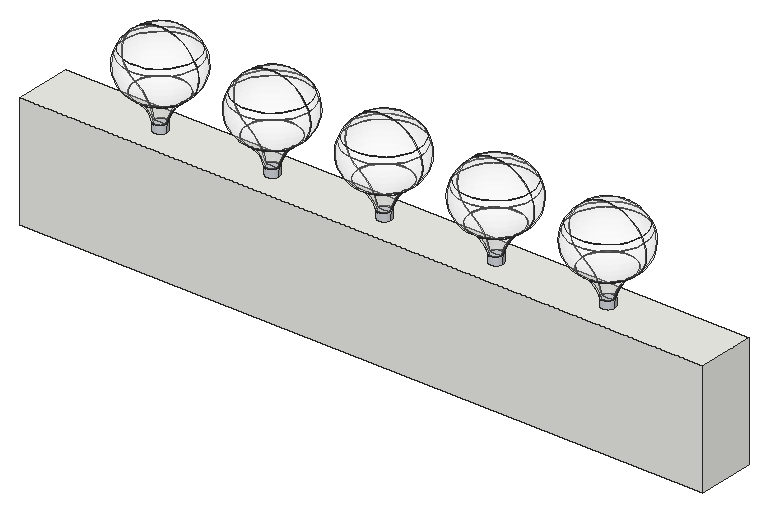
Revit family "311d9e594f6f4f96bd18b2e04c5955fe", category Lighting Fixtures, host Face, Revit 2021
Family settings
  Host = Face
  Round Connector Dimension = Use Diameter
  Part Type = Normal
  OmniClass Number = 23.80.70.11.14
  OmniClass Title = General Luminaries, Directional
  Cut with Voids When Loaded = No
  Light Source = No
  Shared = No
  Room Calculation Point = No
Parameters (values of type "Standard")
  Voltage = 120 V
  Number of Poles = 1
  Load Classification = Lighting - Dwelling Unit
  Shade Material = Steel, Paint Finish, Ivory, Glossy
  Lamp = "LED"
  Default Elevation = 4' - 0"
  Diffuser Material = Glass, White, High Luminance
  Apparent Load = 15 VA
Reference planes (in)
  plane 1 "Center (Front/Back)": y = 0
  plane 2: z = 0
  plane 3 "Center (Left/Right)": x = 0
  plane 4: y = 1
  plane 5: y = -1
  plane 6: x = -12
  plane 7: x = 12
  plane 8: z = 4
  plane 9: x = -7.86719
  plane 10: x = 3.93359
  plane 11: x = -3.93359
  plane 12: x = 7.86719
  plane 13: z = 6
Forms (in)
  Extrusion 1, solid, material "Steel, Paint Finish, Ivory, Glossy" <- "Shade Material"
    sketch origin (0, 0, 0) x (1, 0, 0) y (0, 1, 0)
      loop
        line (-12, 1) -> (-12, -1) -> (12, -1) -> (12, 1) -> (-12, 1)
    from 0 to 4
  Revolve 2, solid, material "Glass, White, High Luminance" <- "Diffuser Material"
    sketch origin (0, 0, 0) x (1, 0, 0) y (0, 0, 1)
      loop
        arc (-6.65107, 6.58024) -> (-7.17301, 7.07149) -> (-7.86719, 7.25) r 1.43898
        line (-7.86719, 7.25) -> (-7.86719, 7.21581)
        arc (-7.86719, 7.21581) -> (-7.09722, 6.99947) -> (-6.59246, 6.37909) r 1.32349
        arc (-6.59246, 6.37909) -> (-6.57594, 5.72539) -> (-6.98522, 5.21541) r 0.95146
        arc (-6.98522, 5.21541) -> (-7.43072, 4.80308) -> (-7.68023, 4.24969) r 1.52606
        line (-7.68023, 4.24969) -> (-7.63685, 4.24969)
        arc (-7.63685, 4.24969) -> (-7.39247, 4.7827) -> (-6.96626, 5.18539) r 1.53685
        arc (-6.96626, 5.18539) -> (-6.51944, 5.81746) -> (-6.65107, 6.58024) r 1.01034
      axis (-7.86719, 7.25) -> (-7.86719, 4.24969)
    angle from 0 to 360
  Revolve 3, solid
    sketch origin (0, 0, 0) x (1, 0, 0) y (0, 0, 1)
      loop
        line (-7.86719, 4.24969) -> (-7.86719, 4) -> (-7.63742, 4) -> (-7.63742, 4.24969) -> (-7.86719, 4.24969)
      axis (-7.86719, 4.24969) -> (-7.86719, 4)
    angle from 0 to 360
  Revolve 4, solid, material "Glass, White, High Luminance" <- "Diffuser Material"
    sketch origin (3.93359, 0, 0) x (1, 0, 0) y (0, 0, 1)
      loop
        arc (-6.65107, 6.58024) -> (-7.17301, 7.07149) -> (-7.86719, 7.25) r 1.43898
        line (-7.86719, 7.25) -> (-7.86719, 7.21581)
        arc (-7.86719, 7.21581) -> (-7.09722, 6.99947) -> (-6.59246, 6.37909) r 1.32349
        arc (-6.59246, 6.37909) -> (-6.57594, 5.72539) -> (-6.98522, 5.21541) r 0.95146
        arc (-6.98522, 5.21541) -> (-7.43072, 4.80308) -> (-7.68023, 4.24969) r 1.52606
        line (-7.68023, 4.24969) -> (-7.63685, 4.24969)
        arc (-7.63685, 4.24969) -> (-7.39247, 4.7827) -> (-6.96626, 5.18539) r 1.53685
        arc (-6.96626, 5.18539) -> (-6.51944, 5.81746) -> (-6.65107, 6.58024) r 1.01034
      axis (-7.86719, 7.25) -> (-7.86719, 4.24969)
    angle from 0 to 360
  Revolve 5, solid
    sketch origin (3.93359, 0, 0) x (1, 0, 0) y (0, 0, 1)
      loop
        line (-7.86719, 4.24969) -> (-7.86719, 4) -> (-7.63742, 4) -> (-7.63742, 4.24969) -> (-7.86719, 4.24969)
      axis (-7.86719, 4.24969) -> (-7.86719, 4)
    angle from 0 to 360
  Revolve 6, solid, material "Glass, White, High Luminance" <- "Diffuser Material"
    sketch origin (7.86719, 0, 0) x (1, 0, 0) y (0, 0, 1)
      loop
        arc (-6.65107, 6.58024) -> (-7.17301, 7.07149) -> (-7.86719, 7.25) r 1.43898
        line (-7.86719, 7.25) -> (-7.86719, 7.21581)
        arc (-7.86719, 7.21581) -> (-7.09722, 6.99947) -> (-6.59246, 6.37909) r 1.32349
        arc (-6.59246, 6.37909) -> (-6.57594, 5.72539) -> (-6.98522, 5.21541) r 0.95146
        arc (-6.98522, 5.21541) -> (-7.43072, 4.80308) -> (-7.68023, 4.24969) r 1.52606
        line (-7.68023, 4.24969) -> (-7.63685, 4.24969)
        arc (-7.63685, 4.24969) -> (-7.39247, 4.7827) -> (-6.96626, 5.18539) r 1.53685
        arc (-6.96626, 5.18539) -> (-6.51944, 5.81746) -> (-6.65107, 6.58024) r 1.01034
      axis (-7.86719, 7.25) -> (-7.86719, 4.24969)
    angle from 0 to 360
  Revolve 7, solid
    sketch origin (7.86719, 0, 0) x (1, 0, 0) y (0, 0, 1)
      loop
        line (-7.86719, 4.24969) -> (-7.86719, 4) -> (-7.63742, 4) -> (-7.63742, 4.24969) -> (-7.86719, 4.24969)
      axis (-7.86719, 4.24969) -> (-7.86719, 4)
    angle from 0 to 360
  Revolve 8, solid, material "Glass, White, High Luminance" <- "Diffuser Material"
    sketch origin (11.80078, 0, 0) x (1, 0, 0) y (0, 0, 1)
      loop
        arc (-6.65107, 6.58024) -> (-7.17301, 7.07149) -> (-7.86719, 7.25) r 1.43898
        line (-7.86719, 7.25) -> (-7.86719, 7.21581)
        arc (-7.86719, 7.21581) -> (-7.09722, 6.99947) -> (-6.59246, 6.37909) r 1.32349
        arc (-6.59246, 6.37909) -> (-6.57594, 5.72539) -> (-6.98522, 5.21541) r 0.95146
        arc (-6.98522, 5.21541) -> (-7.43072, 4.80308) -> (-7.68023, 4.24969) r 1.52606
        line (-7.68023, 4.24969) -> (-7.63685, 4.24969)
        arc (-7.63685, 4.24969) -> (-7.39247, 4.7827) -> (-6.96626, 5.18539) r 1.53685
        arc (-6.96626, 5.18539) -> (-6.51944, 5.81746) -> (-6.65107, 6.58024) r 1.01034
      axis (-7.86719, 7.25) -> (-7.86719, 4.24969)
    angle from 0 to 360
  Revolve 9, solid
    sketch origin (11.80078, 0, 0) x (1, 0, 0) y (0, 0, 1)
      loop
        line (-7.86719, 4.24969) -> (-7.86719, 4) -> (-7.63742, 4) -> (-7.63742, 4.24969) -> (-7.86719, 4.24969)
      axis (-7.86719, 4.24969) -> (-7.86719, 4)
    angle from 0 to 360
  Revolve 10, solid, material "Glass, White, High Luminance" <- "Diffuser Material"
    sketch origin (15.73437, 0, 0) x (1, 0, 0) y (0, 0, 1)
      loop
        arc (-6.65107, 6.58024) -> (-7.17301, 7.07149) -> (-7.86719, 7.25) r 1.43898
        line (-7.86719, 7.25) -> (-7.86719, 7.21581)
        arc (-7.86719, 7.21581) -> (-7.09722, 6.99947) -> (-6.59246, 6.37909) r 1.32349
        arc (-6.59246, 6.37909) -> (-6.57594, 5.72539) -> (-6.98522, 5.21541) r 0.95146
        arc (-6.98522, 5.21541) -> (-7.43072, 4.80308) -> (-7.68023, 4.24969) r 1.52606
        line (-7.68023, 4.24969) -> (-7.63685, 4.24969)
        arc (-7.63685, 4.24969) -> (-7.39247, 4.7827) -> (-6.96626, 5.18539) r 1.53685
        arc (-6.96626, 5.18539) -> (-6.51944, 5.81746) -> (-6.65107, 6.58024) r 1.01034
      axis (-7.86719, 7.25) -> (-7.86719, 4.24969)
    angle from 0 to 360
  Revolve 11, solid
    sketch origin (15.73437, 0, 0) x (1, 0, 0) y (0, 0, 1)
      loop
        line (-7.86719, 4.24969) -> (-7.86719, 4) -> (-7.63742, 4) -> (-7.63742, 4.24969) -> (-7.86719, 4.24969)
      axis (-7.86719, 4.24969) -> (-7.86719, 4)
    angle from 0 to 360
Dimensions and locks (in)
  equal spacing: plane 6, plane 3 "Center (Left/Right)", plane 7
  plane 6 to plane 7 = 2' - 0"
  equal spacing: plane 4, plane 1 "Center (Front/Back)", plane 5
  plane 4 to plane 5 = 0' - 2"
  plane 8 to plane 2 = 0' - 4"
  locked: plane 13 to plane 8 at 2
  equal spacing: plane 9, plane 11, plane 3 "Center (Left/Right)", plane 10, plane 12
  aligned and locked: plane 2 to host face
  aligned and locked: level to host face
  aligned and locked: Extrusion 1 sketch curve to plane 4
  aligned and locked: plane 6 to Extrusion 1 sketch curve
  aligned and locked: plane 5 to Extrusion 1 sketch curve
  aligned and locked: Extrusion 1 sketch curve to plane 7
  aligned and locked: Extrusion 1 to plane 2
  aligned and locked: plane 8 to Extrusion 1
  aligned and locked: Revolve 2 sketch curve to plane 9
  aligned and locked: Revolve 3 sketch curve to plane 9
  aligned and locked: Revolve 4 sketch curve to plane 11
  aligned and locked: Revolve 5 sketch curve to plane 11
  aligned and locked: Revolve 6 sketch curve to plane 3 "Center (Left/Right)"
  aligned and locked: Revolve 7 sketch curve to plane 3 "Center (Left/Right)"
  aligned and locked: Revolve 8 sketch curve to plane 10
  aligned and locked: Revolve 9 sketch curve to plane 10
  aligned and locked: Revolve 10 sketch curve to plane 12
  aligned and locked: Revolve 11 sketch curve to plane 12
Automatic sketch dimensions
  host sketch curve to host sketch curve = 2' - 6.85314"
  host sketch curve to host sketch curve = 0' - 11.8859"
  Revolve 2 sketch curve to Revolve 2 sketch curve = 0' - 0.31853"
  Revolve 2 sketch curve to Revolve 2 sketch curve = 0' - 0.0275"
  Revolve 2 sketch curve to Revolve 2 sketch curve = 0' - 0.04878"
  Revolve 2 sketch curve to Revolve 2 sketch curve = 0' - 0.0242"
  Revolve 2 sketch curve to Revolve 2 sketch curve = 0' - 0 21/256"
  Revolve 2 sketch curve to Revolve 2 sketch curve = 0' - 0.01049"
  Revolve 2 sketch curve to Revolve 2 sketch curve = 0' - 0.03419"
  Revolve 2 sketch curve to Revolve 2 sketch curve = 0' - 0.04338"
  Revolve 2 sketch curve to Revolve 2 sketch curve = 0' - 0"  (x2)
  Revolve 2 sketch curve to Revolve 2 sketch curve = 0' - 0.01897"
  Revolve 2 sketch curve to Revolve 2 sketch curve = 0' - 4.4675"
  Revolve 3 sketch curve to Revolve 3 sketch curve = 0' - 0.22977"
  Revolve 3 sketch curve to Revolve 3 sketch curve = 0' - 0.24969"
  Revolve 2 sketch curve to Revolve 2 sketch curve = 0' - 0.04372"
  Revolve 2 sketch curve to Revolve 2 sketch curve = 0' - 0.18696"
  Revolve 2 sketch curve to Revolve 2 sketch curve = 0' - 1.44477"
  Revolve 2 sketch curve to Revolve 2 sketch curve = 0' - 0.33804"
  Revolve 2 sketch curve to Revolve 2 sketch curve = 0' - 0.22913"
  Revolve 2 sketch curve to Revolve 2 sketch curve = 0' - 1.17566"
  Revolve 2 sketch curve to Revolve 2 sketch curve = 0' - 9.76826"
  Revolve 3 sketch curve to Revolve 3 sketch curve = 0' - 9.88082"
  Revolve 3 sketch curve to Revolve 3 sketch curve = 0' - 8.41579"
  Revolve 4 sketch curve to Revolve 4 sketch curve = 0' - 0.31853"
  Revolve 4 sketch curve to Revolve 4 sketch curve = 0' - 0.0275"
  Revolve 4 sketch curve to Revolve 4 sketch curve = 0' - 0.04878"
  Revolve 4 sketch curve to Revolve 4 sketch curve = 0' - 0.0242"
  Revolve 4 sketch curve to Revolve 4 sketch curve = 0' - 0 21/256"
  Revolve 4 sketch curve to Revolve 4 sketch curve = 0' - 0.01049"
  Revolve 4 sketch curve to Revolve 4 sketch curve = 0' - 0.03419"
  Revolve 4 sketch curve to Revolve 4 sketch curve = 0' - 0.04338"
  Revolve 4 sketch curve to Revolve 4 sketch curve = 0' - 0"  (x2)
  Revolve 4 sketch curve to Revolve 4 sketch curve = 0' - 0.01897"
  Revolve 4 sketch curve to Revolve 4 sketch curve = 0' - 4.4675"
  Revolve 5 sketch curve to Revolve 5 sketch curve = 0' - 0.22977"
  Revolve 5 sketch curve to Revolve 5 sketch curve = 0' - 0.24969"
  Revolve 4 sketch curve to Revolve 4 sketch curve = 0' - 0.04372"
  Revolve 4 sketch curve to Revolve 4 sketch curve = 0' - 0.18696"
  Revolve 4 sketch curve to Revolve 4 sketch curve = 0' - 1.44477"
  Revolve 4 sketch curve to Revolve 4 sketch curve = 0' - 0.33804"
  Revolve 4 sketch curve to Revolve 4 sketch curve = 0' - 0.22913"
  Revolve 4 sketch curve to Revolve 4 sketch curve = 0' - 1.17566"
  Revolve 4 sketch curve to Revolve 4 sketch curve = 0' - 9.76826"
  Revolve 5 sketch curve to Revolve 5 sketch curve = 0' - 9.88082"
  Revolve 5 sketch curve to Revolve 5 sketch curve = 0' - 8.41579"
  Revolve 6 sketch curve to Revolve 6 sketch curve = 0' - 0.31853"
  Revolve 6 sketch curve to Revolve 6 sketch curve = 0' - 0.0275"
  Revolve 6 sketch curve to Revolve 6 sketch curve = 0' - 0.04878"
  Revolve 6 sketch curve to Revolve 6 sketch curve = 0' - 0.0242"
  Revolve 6 sketch curve to Revolve 6 sketch curve = 0' - 0 21/256"
  Revolve 6 sketch curve to Revolve 6 sketch curve = 0' - 0.01049"
  Revolve 6 sketch curve to Revolve 6 sketch curve = 0' - 0.03419"
  Revolve 6 sketch curve to Revolve 6 sketch curve = 0' - 0.04338"
  Revolve 6 sketch curve to Revolve 6 sketch curve = 0' - 0"  (x3)
  Revolve 6 sketch curve to Revolve 6 sketch curve = 0' - 0.01897"
  Revolve 6 sketch curve to Revolve 6 sketch curve = 0' - 4.4675"
  Revolve 7 sketch curve to Revolve 7 sketch curve = 0' - 0.22977"
  Revolve 7 sketch curve to Revolve 7 sketch curve = 0' - 0.24969"
  Revolve 6 sketch curve to Revolve 6 sketch curve = 0' - 0.04372"
  Revolve 6 sketch curve to Revolve 6 sketch curve = 0' - 0.18696"
  Revolve 6 sketch curve to Revolve 6 sketch curve = 0' - 1.44477"
  Revolve 6 sketch curve to Revolve 6 sketch curve = 0' - 0.33804"
  Revolve 6 sketch curve to Revolve 6 sketch curve = 0' - 0.22913"
  Revolve 6 sketch curve to Revolve 6 sketch curve = 0' - 1.17566"
  Revolve 6 sketch curve to Revolve 6 sketch curve = 0' - 9.76826"
  Revolve 7 sketch curve to Revolve 7 sketch curve = 0' - 0"
  Revolve 7 sketch curve to Revolve 7 sketch curve = 0' - 9.88082"
  Revolve 7 sketch curve to Revolve 7 sketch curve = 0' - 8.41579"
  Revolve 8 sketch curve to Revolve 8 sketch curve = 0' - 0.31853"
  Revolve 8 sketch curve to Revolve 8 sketch curve = 0' - 0.0275"
  Revolve 8 sketch curve to Revolve 8 sketch curve = 0' - 0.04878"
  Revolve 8 sketch curve to Revolve 8 sketch curve = 0' - 0.0242"
  Revolve 8 sketch curve to Revolve 8 sketch curve = 0' - 0 21/256"
  Revolve 8 sketch curve to Revolve 8 sketch curve = 0' - 0.01049"
  Revolve 8 sketch curve to Revolve 8 sketch curve = 0' - 0.03419"
  Revolve 8 sketch curve to Revolve 8 sketch curve = 0' - 0.04338"
  Revolve 8 sketch curve to Revolve 8 sketch curve = 0' - 0"  (x2)
  Revolve 8 sketch curve to Revolve 8 sketch curve = 0' - 0.01897"
  Revolve 8 sketch curve to Revolve 8 sketch curve = 0' - 4.4675"
  Revolve 9 sketch curve to Revolve 9 sketch curve = 0' - 0.22977"
  Revolve 9 sketch curve to Revolve 9 sketch curve = 0' - 0.24969"
  Revolve 8 sketch curve to Revolve 8 sketch curve = 0' - 0.04372"
  Revolve 8 sketch curve to Revolve 8 sketch curve = 0' - 0.18696"
  Revolve 8 sketch curve to Revolve 8 sketch curve = 0' - 1.44477"
  Revolve 8 sketch curve to Revolve 8 sketch curve = 0' - 0.33804"
  Revolve 8 sketch curve to Revolve 8 sketch curve = 0' - 0.22913"
  Revolve 8 sketch curve to Revolve 8 sketch curve = 0' - 1.17566"
  Revolve 8 sketch curve to Revolve 8 sketch curve = 0' - 9.76826"
  Revolve 9 sketch curve to Revolve 9 sketch curve = 0' - 9.88082"
  Revolve 9 sketch curve to Revolve 9 sketch curve = 0' - 8.41579"
  Revolve 10 sketch curve to Revolve 10 sketch curve = 0' - 0.31853"
  Revolve 10 sketch curve to Revolve 10 sketch curve = 0' - 0.0275"
  Revolve 10 sketch curve to Revolve 10 sketch curve = 0' - 0.04878"
  Revolve 10 sketch curve to Revolve 10 sketch curve = 0' - 0.0242"
  Revolve 10 sketch curve to Revolve 10 sketch curve = 0' - 0 21/256"
  Revolve 10 sketch curve to Revolve 10 sketch curve = 0' - 0.01049"
  Revolve 10 sketch curve to Revolve 10 sketch curve = 0' - 0.03419"
  Revolve 10 sketch curve to Revolve 10 sketch curve = 0' - 0.04338"
  Revolve 10 sketch curve to Revolve 10 sketch curve = 0' - 0"  (x2)
  Revolve 10 sketch curve to Revolve 10 sketch curve = 0' - 0.01897"
  Revolve 10 sketch curve to Revolve 10 sketch curve = 0' - 4.4675"
  Revolve 11 sketch curve to Revolve 11 sketch curve = 0' - 0.22977"
  Revolve 11 sketch curve to Revolve 11 sketch curve = 0' - 0.24969"
  Revolve 10 sketch curve to Revolve 10 sketch curve = 0' - 0.04372"
  Revolve 10 sketch curve to Revolve 10 sketch curve = 0' - 0.18696"
  Revolve 10 sketch curve to Revolve 10 sketch curve = 0' - 1.44477"
  Revolve 10 sketch curve to Revolve 10 sketch curve = 0' - 0.33804"
  Revolve 10 sketch curve to Revolve 10 sketch curve = 0' - 0.22913"
  Revolve 10 sketch curve to Revolve 10 sketch curve = 0' - 1.17566"
  Revolve 10 sketch curve to Revolve 10 sketch curve = 0' - 9.76826"
  Revolve 11 sketch curve to Revolve 11 sketch curve = 0' - 9.88082"
  Revolve 11 sketch curve to Revolve 11 sketch curve = 0' - 8.41579"
  Revolve 2 sketch curve to plane 9 = 0' - 0"
  Revolve 2 sketch curve to plane 8 = 0' - 0.11255"
  Revolve 3 sketch curve to plane 9 = 0' - 0"
  Revolve 3 sketch curve to plane 8 = 0' - 0"
  Revolve 4 sketch curve to plane 11 = 0' - 0"
  Revolve 4 sketch curve to plane 8 = 0' - 0.11255"
  Revolve 5 sketch curve to plane 11 = 0' - 0"
  Revolve 5 sketch curve to plane 8 = 0' - 0"
  Revolve 6 sketch curve to plane 8 = 0' - 0.11255"
  Revolve 7 sketch curve to plane 8 = 0' - 0"
  Revolve 8 sketch curve to plane 10 = 0' - 0"
  Revolve 8 sketch curve to plane 8 = 0' - 0.11255"
  Revolve 9 sketch curve to plane 10 = 0' - 0"
  Revolve 9 sketch curve to plane 8 = 0' - 0"
  Revolve 10 sketch curve to plane 12 = 0' - 0"
  Revolve 10 sketch curve to plane 8 = 0' - 0.11255"
  Revolve 11 sketch curve to plane 12 = 0' - 0"
  Revolve 11 sketch curve to plane 8 = 0' - 0"
Nested families (in)
  nested 1: "Light Source" at (-7.86719, -1.25, 6.03125) x (0, 1, 0) z (0, 0, 1), type "Light Source"
  nested 2: "Light Source" at (-3.93359, -1.25, 6.03125) x (0, 1, 0) z (0, 0, 1), type "Light Source"
  nested 3: "Light Source" at (0, -1.25, 6.03125) x (0, 1, 0) z (0, 0, 1), type "Light Source"
  nested 4: "Light Source" at (3.93359, -1.25, 6.03125) x (0, 1, 0) z (0, 0, 1), type "Light Source"
  nested 5: "Light Source" at (7.86719, -1.25, 6.03125) x (0, 1, 0) z (0, 0, 1), type "Light Source"
Connectors (in)
  electrical at (-12, 0, 2), driven by "Number of Poles", driven by "Load Classification", driven by "Voltage", driven by "Apparent Load", driven by "Apparent Load"
    settings: on Extrusion 1, index 1, voltage 120 V, apparent load 15 VA, apparent load phase1 15 VA, apparent load phase2 0 VA, apparent load phase3 0 VA, power factor 0.95, load classification "Lighting - Dwelling Unit", number of poles 1, system type 31, power factor state 1, is connector primary yes, connector utility no, sub classification motor no, connector description ""
Definition of nested family "Light Source"
  Parameters (values of type "Light Source")
    Wattage = 9.2903 W
    built-in parameter 1150110 = 1 (stored number, unit not read)
    built-in parameter 1114217 = 1 (stored number, unit not read)
    Tilt Angle = 30.00°
    built-in parameter 1150109 = 1 (stored number, unit not read)
    built-in parameter 1150134 = 3
    built-in parameter 1150113 = 1 (stored number, unit not read)
    Photometric Web File = "24LWL2S.IES"
    built-in parameter 1150105 = 109.82 (stored number, unit not read)
    Lumens = 1380 lm
    built-in parameter 1150115 = 1 (stored number, unit not read)
    built-in parameter 1150137 = (empty or 0)
    built-in parameter 1150139 = (empty or 0)
    built-in parameter 1150112 = 1 (stored number, unit not read)
    built-in parameter 1150114 = 1 (stored number, unit not read)
    built-in parameter 1150132 = (empty or 0)
    built-in parameter 1150102 = (empty or 0)
    built-in parameter 1150107 = 3200 (stored number, unit not read)
    built-in parameter 1150138 = (empty or 0)
    built-in parameter 1150106 = 1.0982 (stored number, unit not read)
    built-in parameter 1150104 = 13.8 (stored number, unit not read)
    Dimming Lamp Color Temperature Shift = (empty or 0)
    Default Elevation = 0' - 0"
    Color Filter = 16777215
    built-in parameter 1114218 = 1 (stored number, unit not read)
    built-in parameter 1150133 = 10 (stored number, unit not read)
  Reference planes (in)
    plane 1 "Center (Front/Back)": y = 0
    plane 2: z = 0
    plane 3 "Center (Left/Right)": x = 0
  Dimensions and locks (in)
    aligned and locked: plane 2 to level
